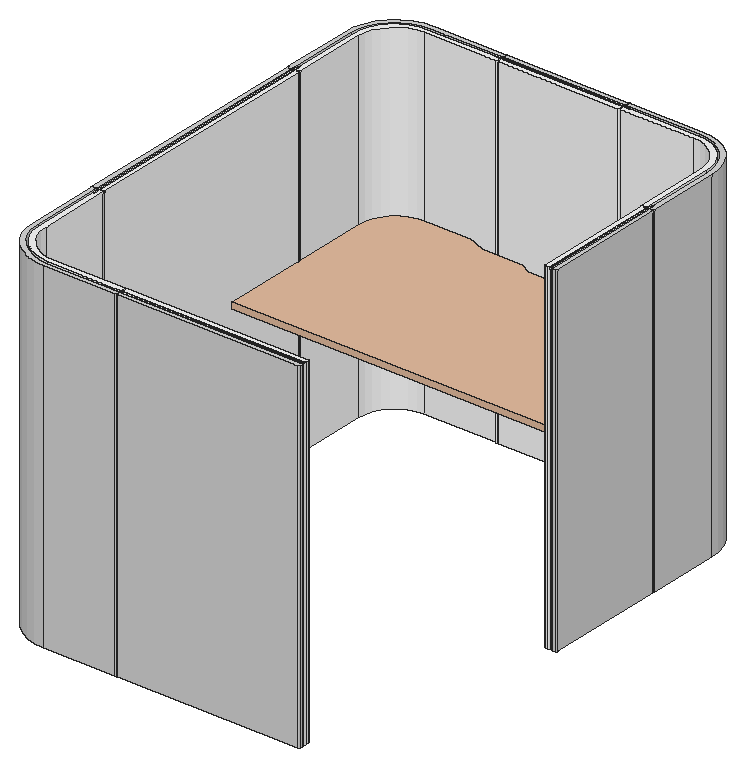
Revit family "NBS_Senator_MeetingPods_SoloAbodeRightHand", category Furniture, Revit 2018
Family settings
  Work Plane-Based = No
  Always vertical = Yes
  Cut with Voids When Loaded = No
  Shared = No
  Room Calculation Point = No
Parameters (values of type "PDSA14R")
  WarrantyStartDate [instance] = "1900-12-31T23:59:59"
  WarrantyGuarantorParts = "contactus@thesenatorgroup.com"
  WarrantyGuarantorLabor = "n/a"
  WarrantyDurationUnit = "year"
  WarrantyDurationParts = "10"
  WarrantyDurationLabor = "n/a"
  WarrantyDescription = "Senator warrants that its manufactured products are free from manufacturing defects - in materials or workmanship - for a period of ten (10) years on Senator Seating ranges; and fifteen (15) years on Senator Desking ranges - exceptions are listed below. Senator will repair or replace (at Senator’s sole discretion) with comparable free of charge materials / components, any product / component, which fails under normal use in a single shift environment, as a result of a defect in the materials and / or workmanship"
  Version = "1"  # constant formula
  Uniclass2015Version = "Products v1.12"
  Uniclass2015Title = "Pr_40_50_12_53"
  Uniclass2015Code = "Meeting pods"
  TagNumber [instance] = "n/a"
  SustainabilityPerformance = "99% recyclable"
  Style = "Pods"
  Status = "UNSET"
  Size = "2000 x 1500 x 1400 mm"
  Shape = "n/a"
  SerialNumber [instance] = "n/a"
  SeatWidth = "n/a"
  SeatDepth = "n/a"
  Revision = "n/a"
  ReplacementCost = "n/a"
  Reference = "n/a"
  ProductInformation = "n/a"
  PodWidth = 1500 mm  # constant formula
  PodHeight = 1400 mm
  PodDepth = 2000 mm  # constant formula
  InnerPanelMaterial = NBS_Senator_White
  OuterPanelMaterial = NBS_Senator_StAndrews
  NominalWidth = 1400 mm
  NominalLength = 1500 mm
  NominalHeight = 1400 mm
  NominalDepth = 2000 mm
  Name = "MeetingPods_SoloAbodeRightHand_PDSA14R_Senator"
  NBSReference = "45-35-20/342"
  NBSDescription = "Meeting pods"
  NBSCertification = "www.nationalbimlibrary.com/cert/ytskpf4l"
  ModelReference = "Pods-SoloAbodeRightHand_PDSA14R"
  ModelNumber = "PDSA14R"
  Material = "Fabric, metal, plastic"
  ManufacturerURL = "www.senator.co.uk"
  ManufacturerName = "The Senator Group"  # constant formula
  Manufacturer = "sales@senator.co.uk"
  MainColor = "n/a"
  IsBuiltIn = no
  InstallationDate [instance] = "1900-12-31T23:59:59"
  MiddlePanelMaterial = NBS_Senator_White
  IfcExportType = "USERDEFINED"  # constant formula
  IfcExportAs = "IfcFurnitureType"  # constant formula
  Grade = "n/a"
  FramesColour = "Black, white"
  FinishOptions = "Carini walnut, mocha, autumn, strata oak, maple, highland oak, beech, winter oak, hacienda white, white, light grey, denim, clay, lemon sorbet"
  Finish = "Outer vertical panels upholstered in camira, blazer fabric Two tone is standard"
  Features = "Internal frame with multi-layered acoustic foam, levelling adjusters, blazer fabric, outer vertical panels"
  FabricFinishOptions = "Plymouth, fairfield, latymer, lancaster, silcoates, silverdale, st andrews, trevelyan, ulster, wellington, wesley, manchester,"
  ExpectedLife = "10"
  DurationUnit = "year"
  DeskWidth = 1395 mm  # constant formula
  DeskThickness = 0 mm
  DeskMaterial = NBS_Senator_HighlandOak
  DeskDepth = 800 mm  # constant formula
  Description = "Compact single person workspace"
  Constituents = "n/a"
  Color = "n/a"
  CodePerformance = "n/a"
  Category = "Pr_40_50_12_53: Meeting pods"
  BarCode [instance] = "n/a"
  BIMObjectName = "NBS_Senator_MeetingPods_SoloAbodeRightHand_PDSA14R"
  Author = "NBS"  # constant formula
  AssetType = "Fixed"
  AssetIdentifier [instance] = "n/a"
  Accessories = "Monitor arms, PU desk accessories, desk top accessories, CPU holders, electrical accessories, coat hanger, name plate, A2 dry wipe board with hanger, A3 dry wipe board with hanger"
  AccessibilityPerformance = "n/a"
Types (3, lengths in mm): name | Size | PodHeight | NominalWidth | NominalHeight | Name | ModelReference | ModelNumber | BIMObjectName
  (no name) | "2000 x 1500 x 1400 mm" | 1400 | 1400 | 1400 | "MeetingPods_SoloAbodeRightHand_PDSA14R_Senator" | "Pods-SoloAbodeRightHand_PDSA14R" | "PDSA14R" | "NBS_Senator_MeetingPods_SoloAbodeRightHand_PDSA14R"
  PDSA14R | "2000 x 1500 x 1400 mm" | 1400 | 1400 | 1400 | "MeetingPods_SoloAbodeRightHand_PDSA14R_Senator" | "Pods-SoloAbodeRightHand_PDSA14R" | "PDSA14R" | "NBS_Senator_MeetingPods_SoloAbodeRightHand_PDSA14R"
  PDSA18R | "2000 x 1500 x 1800 mm" | 1800 | 1800 | 1800 | "MeetingPods_SoloAbodeRightHand_PDSA18R_Senator" | "Pods-SoloAbodeRightHand_PDSA18R" | "PDSA18R" | "NBS_Senator_MeetingPods_SoloAbodeRightHand_PDSA18R"
Reference planes
  plane 1 "Center (Front/Back)": y = 0
  plane 2 "Bottom": z = 0
  plane 3 "Center (Left/Right)": x = 0
  plane 4 "Right": x = 750
  plane 5 "Left": x = -750
  plane 6 "Back": y = 1000
  plane 7 "Front": y = -1000
  plane 8 "Top": z = 1400
  plane 9: y = -950
  plane 10: x = -700
  plane 11: x = 700
  plane 12: y = 950
  plane 13: y = -970
  plane 14: y = -980
  plane 15: x = 730
  plane 16: x = 720
  plane 17: y = 980
  plane 18: y = 970
  plane 19: x = -730
  plane 20: x = -720
  plane 21: x = -697.791
  plane 22: x = 697.208
  plane 23: y = 150.31
  plane 24: y = 526.117
  plane 25: x = 275.723
  plane 26: x = -275.723
  plane 27: y = 526.117
  plane 28: y = 501.044
  plane 29: y = 500.044
  plane 30: x = -249.65
  plane 31: x = -250.65
  plane 32: x = 250.65
  plane 33: x = 249.65
  plane 34: y = 501.044
  plane 35: y = 500.044
  plane 36: y = 920.31
  plane 37: y = 895.865
  plane 38: z = 710
  plane 39: z = 685
  plane 40: x = -275.723
  plane 41: x = -250.65
  plane 42: x = -249.65
  plane 43: x = 500
  plane 44: y = -525.3
  plane 45: y = -500.3
  plane 46: y = -499.3
  plane 47: y = 3.7
Forms (mm)
  Extrusion 1, solid, material "NBS_Senator_StAndrews" <- "OuterPanelMaterial", detail levels medium+fine
    sketch origin (0, 0, 0) x (1, 0, 0) y (0, 1, 0)
      loop
        arc (-244.65, 1000) -> (-248.185, 998.536) -> (-249.65, 995) r 5
        line (-249.65, 995) -> (-249.65, 985)
        arc (-249.65, 985) -> (-248.185, 981.464) -> (-244.65, 980) r 5
        line (-244.65, 980) -> (244.65, 980)
        arc (244.65, 980) -> (248.185, 981.464) -> (249.65, 985) r 5
        line (249.65, 985) -> (249.65, 995)
        arc (249.65, 995) -> (248.185, 998.536) -> (244.65, 1000) r 5
        line (244.65, 1000) -> (-244.65, 1000)
    from 0 to 1400
  Extrusion 2, solid, material "NBS_Senator_White" <- "InnerPanelMaterial", detail levels medium+fine
    sketch origin (0, 0, 0) x (1, 0, 0) y (0, 1, 0)
      loop
        arc (-244.65, 970) -> (-248.185, 968.536) -> (-249.65, 965) r 5
        line (-249.65, 965) -> (-249.65, 955)
        arc (-249.65, 955) -> (-248.185, 951.464) -> (-244.65, 950) r 5
        line (-244.65, 950) -> (244.65, 950)
        arc (244.65, 950) -> (248.185, 951.464) -> (249.65, 955) r 5
        line (249.65, 955) -> (249.65, 965)
        arc (249.65, 965) -> (248.185, 968.536) -> (244.65, 970) r 5
        line (244.65, 970) -> (-244.65, 970)
    from 0 to 1400
  Extrusion 3, solid, material "NBS_Senator_White" <- "InnerPanelMaterial", detail levels medium+fine
    sketch origin (0, 0, 0) x (1, 0, 0) y (0, 1, 0)
      loop
        line (-255.65, 970) -> (-555, 970)
        arc (-555, 970) -> (-671.673, 921.673) -> (-720, 805) r 165
        line (-720, 805) -> (-720, 506.044)
        arc (-720, 506.044) -> (-718.536, 502.509) -> (-715, 501.044) r 5
        line (-715, 501.044) -> (-705, 501.044)
        arc (-705, 501.044) -> (-701.464, 502.509) -> (-700, 506.044) r 5
        line (-700, 506.044) -> (-700, 800)
        arc (-700, 800) -> (-656.066, 906.066) -> (-550, 950) r 150
        line (-550, 950) -> (-255.65, 950)
        arc (-255.65, 950) -> (-252.114, 951.464) -> (-250.65, 955) r 5
        line (-250.65, 955) -> (-250.65, 965)
        arc (-250.65, 965) -> (-252.114, 968.536) -> (-255.65, 970) r 5
    from 0 to 1400
  Extrusion 4, solid, material "NBS_Senator_White" <- "InnerPanelMaterial", detail levels medium+fine
    sketch origin (0, 0, 0) x (1, 0, 0) y (0, 1, 0)
      loop
        line (705, 501.044) -> (715, 501.044)
        arc (715, 501.044) -> (718.536, 502.509) -> (720, 506.044) r 5
        line (720, 506.044) -> (720, 805)
        arc (720, 805) -> (671.673, 921.673) -> (555, 970) r 165
        line (555, 970) -> (255.65, 970)
        arc (255.65, 970) -> (252.114, 968.536) -> (250.65, 965) r 5
        line (250.65, 965) -> (250.65, 955)
        arc (250.65, 955) -> (252.114, 951.464) -> (255.65, 950) r 5
        line (255.65, 950) -> (550, 950)
        arc (550, 950) -> (656.066, 906.066) -> (700, 800) r 150
        line (700, 800) -> (700, 506.044)
        arc (700, 506.044) -> (701.464, 502.509) -> (705, 501.044) r 5
    from 0 to 1400
  Extrusion 5, solid, material "NBS_Senator_StAndrews" <- "OuterPanelMaterial", detail levels medium+fine
    sketch origin (0, 0, 0) x (1, 0, 0) y (0, 1, 0)
      loop
        line (-745, 501.044) -> (-735, 501.044)
        arc (-735, 501.044) -> (-731.464, 502.509) -> (-730, 506.044) r 5
        line (-730, 506.044) -> (-730, 800)
        arc (-730, 800) -> (-677.279, 927.279) -> (-550, 980) r 180
        line (-550, 980) -> (-255.65, 980)
        arc (-255.65, 980) -> (-252.114, 981.464) -> (-250.65, 985) r 5
        line (-250.65, 985) -> (-250.65, 995)
        arc (-250.65, 995) -> (-252.114, 998.536) -> (-255.65, 1000) r 5
        line (-255.65, 1000) -> (-548, 1000)
        arc (-548, 1000) -> (-690.836, 940.836) -> (-750, 798) r 202
        line (-750, 798) -> (-750, 506.044)
        arc (-750, 506.044) -> (-748.536, 502.509) -> (-745, 501.044) r 5
    from 0 to 1400
  Extrusion 6, solid, material "NBS_Senator_StAndrews" <- "OuterPanelMaterial", detail levels medium+fine
    sketch origin (0, 0, 0) x (1, 0, 0) y (0, 1, 0)
      loop
        arc (255.65, 1000) -> (252.114, 998.536) -> (250.65, 995) r 5
        line (250.65, 995) -> (250.65, 985)
        arc (250.65, 985) -> (252.114, 981.464) -> (255.65, 980) r 5
        line (255.65, 980) -> (550, 980)
        arc (550, 980) -> (677.279, 927.279) -> (730, 800) r 180
        line (730, 800) -> (730, 506.044)
        arc (730, 506.044) -> (731.464, 502.509) -> (735, 501.044) r 5
        line (735, 501.044) -> (745, 501.044)
        arc (745, 501.044) -> (748.536, 502.509) -> (750, 506.044) r 5
        line (750, 506.044) -> (750, 798)
        arc (750, 798) -> (690.836, 940.836) -> (548, 1000) r 202
        line (548, 1000) -> (255.65, 1000)
    from 0 to 1400
  Extrusion 7, solid, material "NBS_Senator_White" <- "MiddlePanelMaterial", detail levels medium+fine
    sketch origin (0, 0, 0) x (1, 0, 0) y (0, 1, 0)
      loop
        line (500, -980) -> (500, -970) -> (-275.723, -970) -> (-275.723, -980) -> (500, -980)
      loop
        line (-730, -525.3) -> (-720, -525.3) -> (-720, 526.117) -> (-730, 526.117) -> (-730, -525.3)
      loop
        line (275.723, 970) -> (275.723, 980) -> (-275.723, 980) -> (-275.723, 970) -> (275.723, 970)
      loop
        line (720, 526.117) -> (720, 3.7) -> (730, 3.7) -> (730, 526.117) -> (720, 526.117)
    from 0 to 1400
  Extrusion 8, solid, material "NBS_Senator_White" <- "InnerPanelMaterial", detail levels medium+fine
    sketch origin (0, 0, 0) x (1, 0, 0) y (0, 1, 0)
      loop
        line (495, -950) -> (-244.65, -950)
        arc (-244.65, -950) -> (-248.185, -951.464) -> (-249.65, -955) r 5
        line (-249.65, -955) -> (-249.65, -965)
        arc (-249.65, -965) -> (-248.185, -968.536) -> (-244.65, -970) r 5
        line (-244.65, -970) -> (495, -970)
        arc (495, -970) -> (498.536, -968.536) -> (500, -965) r 5
        line (500, -965) -> (500, -955)
        arc (500, -955) -> (498.536, -951.464) -> (495, -950) r 5
    from 0 to 1400
  Extrusion 9, solid, material "NBS_Senator_StAndrews" <- "OuterPanelMaterial", detail levels medium+fine
    sketch origin (0, -30, 0) x (1, 0, 0) y (0, 1, 0)
      loop
        line (495, -950) -> (-244.65, -950)
        arc (-244.65, -950) -> (-248.185, -951.464) -> (-249.65, -955) r 5
        line (-249.65, -955) -> (-249.65, -965)
        arc (-249.65, -965) -> (-248.185, -968.536) -> (-244.65, -970) r 5
        line (-244.65, -970) -> (495, -970)
        arc (495, -970) -> (498.536, -968.536) -> (500, -965) r 5
        line (500, -965) -> (500, -955)
        arc (500, -955) -> (498.536, -951.464) -> (495, -950) r 5
    from 0 to 1400
  Extrusion 10, solid, material "NBS_Senator_StAndrews" <- "OuterPanelMaterial", detail levels medium+fine
    sketch origin (0, 0, 0) x (1, 0, 0) y (0, 1, 0)
      loop
        line (-745, -499.3) -> (-735, -499.3)
        arc (-735, -499.3) -> (-731.464, -497.836) -> (-730, -494.3) r 5
        line (-730, -494.3) -> (-730, 495.044)
        arc (-730, 495.044) -> (-731.464, 498.58) -> (-735, 500.044) r 5
        line (-735, 500.044) -> (-745, 500.044)
        arc (-745, 500.044) -> (-748.536, 498.58) -> (-750, 495.044) r 5
        line (-750, 495.044) -> (-750, -494.3)
        arc (-750, -494.3) -> (-748.536, -497.836) -> (-745, -499.3) r 5
    from 0 to 1400
  Extrusion 11, solid, material "NBS_Senator_White" <- "InnerPanelMaterial", detail levels medium+fine
    sketch origin (30, 0, 0) x (1, 0, 0) y (0, 1, 0)
      loop
        line (-745, -499.3) -> (-735, -499.3)
        arc (-735, -499.3) -> (-731.464, -497.836) -> (-730, -494.3) r 5
        line (-730, -494.3) -> (-730, 495.044)
        arc (-730, 495.044) -> (-731.464, 498.58) -> (-735, 500.044) r 5
        line (-735, 500.044) -> (-745, 500.044)
        arc (-745, 500.044) -> (-748.536, 498.58) -> (-750, 495.044) r 5
        line (-750, 495.044) -> (-750, -494.3)
        arc (-750, -494.3) -> (-748.536, -497.836) -> (-745, -499.3) r 5
    from 0 to 1400
  Extrusion 12, solid, material "NBS_Senator_StAndrews" <- "OuterPanelMaterial", detail levels medium+fine
    sketch origin (0, 0, 0) x (1, 0, 0) y (0, 1, 0)
      loop
        arc (745, 3.7) -> (748.536, 5.164) -> (750, 8.7) r 5
        line (750, 8.7) -> (750, 495.044)
        arc (750, 495.044) -> (748.536, 498.58) -> (745, 500.044) r 5
        line (745, 500.044) -> (735, 500.044)
        arc (735, 500.044) -> (731.464, 498.58) -> (730, 495.044) r 5
        line (730, 495.044) -> (730, 8.7)
        arc (730, 8.7) -> (731.464, 5.164) -> (735, 3.7) r 5
        line (735, 3.7) -> (745, 3.7)
    from 0 to 1400
  Extrusion 13, solid, material "NBS_Senator_StAndrews" <- "OuterPanelMaterial", detail levels medium+fine
    sketch origin (0, 0, 0) x (1, 0, 0) y (0, 1, 0)
      loop
        arc (-745, -500.3) -> (-748.536, -501.764) -> (-750, -505.3) r 5
        line (-750, -505.3) -> (-750, -798)
        arc (-750, -798) -> (-690.836, -940.836) -> (-548, -1000) r 202
        line (-548, -1000) -> (-255.65, -1000)
        arc (-255.65, -1000) -> (-252.114, -998.536) -> (-250.65, -995) r 5
        line (-250.65, -995) -> (-250.65, -985)
        arc (-250.65, -985) -> (-252.114, -981.464) -> (-255.65, -980) r 5
        line (-255.65, -980) -> (-550, -980)
        arc (-550, -980) -> (-677.279, -927.279) -> (-730, -800) r 180
        line (-730, -800) -> (-730, -505.3)
        arc (-730, -505.3) -> (-731.464, -501.764) -> (-735, -500.3) r 5
        line (-735, -500.3) -> (-745, -500.3)
    from 0 to 1400
  Extrusion 14, solid, material "NBS_Senator_White" <- "InnerPanelMaterial", detail levels medium+fine
    sketch origin (0, 0, 0) x (1, 0, 0) y (0, 1, 0)
      loop
        arc (705, 500.044) -> (701.464, 498.58) -> (700, 495.044) r 5
        line (700, 495.044) -> (700, 8.7)
        arc (700, 8.7) -> (701.464, 5.164) -> (705, 3.7) r 5
        line (705, 3.7) -> (715, 3.7)
        arc (715, 3.7) -> (718.536, 5.164) -> (720, 8.7) r 5
        line (720, 8.7) -> (720, 495.044)
        arc (720, 495.044) -> (718.536, 498.58) -> (715, 500.044) r 5
        line (715, 500.044) -> (705, 500.044)
    from 0 to 1400
  Extrusion 15, solid, material "NBS_Senator_White" <- "InnerPanelMaterial", detail levels medium+fine
    sketch origin (0, 0, 0) x (1, 0, 0) y (0, 1, 0)
      loop
        arc (-715, -500.3) -> (-718.536, -501.764) -> (-720, -505.3) r 5
        line (-720, -505.3) -> (-720, -805)
        arc (-720, -805) -> (-671.673, -921.673) -> (-555, -970) r 165
        line (-555, -970) -> (-255.65, -970)
        arc (-255.65, -970) -> (-252.114, -968.536) -> (-250.65, -965) r 5
        line (-250.65, -965) -> (-250.65, -955)
        arc (-250.65, -955) -> (-252.114, -951.464) -> (-255.65, -950) r 5
        line (-255.65, -950) -> (-550, -950)
        arc (-550, -950) -> (-656.066, -906.066) -> (-700, -800) r 150
        line (-700, -800) -> (-700, -505.3)
        arc (-700, -505.3) -> (-701.464, -501.764) -> (-705, -500.3) r 5
        line (-705, -500.3) -> (-715, -500.3)
    from 0 to 1400
  Extrusion 16, solid, material "NBS_Senator_StAndrews" <- "OuterPanelMaterial", detail levels coarse
    sketch origin (0, 0, 0) x (1, 0, 0) y (0, 1, 0)
      loop
        line (500, -950) -> (-550, -950)
        arc (-550, -950) -> (-656.066, -906.066) -> (-700, -800) r 150
        line (-700, -800) -> (-700, 800)
        arc (-700, 800) -> (-656.066, 906.066) -> (-550, 950) r 150
        line (-550, 950) -> (550, 950)
        arc (550, 950) -> (656.066, 906.066) -> (700, 800) r 150
        line (700, 800) -> (700, 3.7) -> (750, 3.7) -> (750, 798)
        arc (750, 798) -> (690.836, 940.836) -> (548, 1000) r 202
        line (548, 1000) -> (-548, 1000)
        arc (-548, 1000) -> (-690.836, 940.836) -> (-750, 798) r 202
        line (-750, 798) -> (-750, -798)
        arc (-750, -798) -> (-690.836, -940.836) -> (-548, -1000) r 202
        line (-548, -1000) -> (500, -1000) -> (500, -950)
    from 0 to 1400
Dimensions and locks
  "PodWidth": plane 5 "Left" to plane 4 "Right"
  "PodDepth": plane 7 "Front" to plane 6 "Back"
  equal spacing: plane 5 "Left", plane 3 "Center (Left/Right)", plane 4 "Right"
  "PodHeight": plane 8 "Top" to plane 2 "Bottom"
  plane 5 "Left" to plane 19 to plane 20 to plane 10 to plane 21 = 20 mm locked, 10 mm locked, 20 mm locked, 2.209 mm locked
  plane 22 to plane 11 to plane 16 to plane 15 to plane 4 "Right" = 2.792 mm locked, 20 mm locked, 10 mm locked, 20 mm locked
  plane 12 to plane 18 to plane 17 to plane 6 "Back" = 20 mm locked, 10 mm locked, 20 mm locked
  plane 7 "Front" to plane 14 to plane 13 to plane 9 = 20 mm locked, 10 mm locked, 20 mm locked
  locked: plane 38 to plane 39 at 25
  locked: plane 38 to plane 2 "Bottom" at 710
  locked: plane 31 to plane 30 at 1
  locked: plane 26 to plane 31 at 25.073
  locked: plane 5 "Left" to plane 30 at 500.35
  locked: plane 33 to plane 32 at 1
  locked: plane 32 to plane 25 at 25.073
  locked: plane 33 to plane 4 "Right" at 500.35
  radius of Extrusion 1 sketch curve = 5 mm  (x4)
  radius of Extrusion 2 sketch curve = 5 mm  (x4)
  radius of Extrusion 3 sketch curve = 150 mm
  radius of Extrusion 3 sketch curve = 165 mm
  radius of Extrusion 3 sketch curve = 5 mm  (x2)
  radius of Extrusion 4 sketch curve = 165 mm
  radius of Extrusion 4 sketch curve = 150 mm
  radius of Extrusion 4 sketch curve = 5 mm  (x2)
  radius of Extrusion 5 sketch curve = 180 mm
  radius of Extrusion 5 sketch curve = 202 mm
  radius of Extrusion 5 sketch curve = 5 mm  (x4)
  radius of Extrusion 6 sketch curve = 180 mm
  radius of Extrusion 6 sketch curve = 202 mm
  radius of Extrusion 6 sketch curve = 5 mm  (x4)
  radius of Extrusion 8 sketch curve = 5 mm  (x4)
  radius of Extrusion 9 sketch curve = 5 mm  (x4)
  radius of Extrusion 10 sketch curve = 5 mm  (x4)
  radius of Extrusion 11 sketch curve = 5 mm  (x4)
  radius of Extrusion 12 sketch curve = 5 mm  (x4)
  radius of Extrusion 13 sketch curve = 180 mm
  radius of Extrusion 13 sketch curve = 202 mm
  radius of Extrusion 13 sketch curve = 5 mm  (x4)
  radius of Extrusion 14 sketch curve = 5 mm  (x4)
  radius of Extrusion 15 sketch curve = 150 mm
  radius of Extrusion 15 sketch curve = 165 mm
  radius of Extrusion 15 sketch curve = 5 mm  (x4)
  radius of Extrusion 16 sketch curve = 150 mm  (x3)
  radius of Extrusion 16 sketch curve = 202 mm  (x3)
  aligned and locked: level to plane 2 "Bottom"
  aligned and locked: plane 33 to Extrusion 1 sketch curve
  aligned and locked: plane 6 "Back" to Extrusion 1 sketch curve
  aligned and locked: Extrusion 1 sketch curve to plane 17
  aligned and locked: Extrusion 1 sketch curve to plane 30
  aligned and locked: Extrusion 3 sketch curve to plane 10
  aligned and locked: plane 28 to Extrusion 3 sketch curve
  aligned and locked: plane 20 to Extrusion 3 sketch curve
  aligned and locked: plane 12 to Extrusion 3 sketch curve
  aligned and locked: Extrusion 3 sketch curve to plane 18
  aligned and locked: Extrusion 3 sketch curve to plane 31
  aligned and locked: plane 8 "Top" to Extrusion 3
  aligned and locked: Extrusion 3 to plane 2 "Bottom"
  aligned and locked: Extrusion 1 to plane 2 "Bottom"
  aligned and locked: plane 8 "Top" to Extrusion 1
  aligned and locked: Extrusion 2 sketch curve to plane 12
  aligned and locked: Extrusion 2 to plane 18
  aligned and locked: plane 18 to Extrusion 2 sketch curve
  aligned and locked: Extrusion 4 sketch curve to plane 32
  aligned and locked: Extrusion 4 sketch curve to plane 12
  aligned and locked: plane 18 to Extrusion 4 sketch curve
  aligned and locked: Extrusion 4 sketch curve to plane 34
  aligned and locked: Extrusion 4 sketch curve to plane 11
  aligned and locked: plane 16 to Extrusion 4 sketch curve
  aligned and locked: Extrusion 4 to plane 2 "Bottom"
  aligned and locked: plane 8 "Top" to Extrusion 4
  aligned and locked: Extrusion 5 sketch curve to plane 28
  aligned and locked: plane 19 to Extrusion 5 sketch curve
  aligned and locked: Extrusion 5 sketch curve to plane 5 "Left"
  aligned and locked: plane 6 "Back" to Extrusion 5 sketch curve
  aligned and locked: Extrusion 5 sketch curve to plane 17
  aligned and locked: plane 31 to Extrusion 5 sketch curve
  aligned and locked: Extrusion 5 to plane 2 "Bottom"
  aligned and locked: plane 8 "Top" to Extrusion 5
  aligned and locked: plane 15 to Extrusion 6 sketch curve
  aligned and locked: plane 34 to Extrusion 6 sketch curve
  aligned and locked: Extrusion 6 sketch curve to plane 4 "Right"
  aligned and locked: Extrusion 6 sketch curve to plane 17
  aligned and locked: Extrusion 6 sketch curve to plane 32
  aligned and locked: plane 6 "Back" to Extrusion 6 sketch curve
  aligned and locked: plane 8 "Top" to Extrusion 2
  aligned and locked: Extrusion 2 to plane 2 "Bottom"
  aligned and locked: plane 8 "Top" to Extrusion 6
  aligned and locked: Extrusion 6 to plane 2 "Bottom"
  aligned and locked: nested 1 to plane 38
  aligned and locked: nested 1 to plane 39
  aligned and locked: plane 3 "Center (Left/Right)" to nested 1
  aligned and locked: plane 12 to nested 1
  aligned and locked: plane 40 to Extrusion 7 sketch curve
  aligned and locked: plane 13 to Extrusion 7 sketch curve
  aligned and locked: Extrusion 7 sketch curve to plane 14
  aligned and locked: Extrusion 7 sketch curve to plane 43
  aligned and locked: plane 27 to Extrusion 7 sketch curve
  aligned and locked: plane 20 to Extrusion 7 sketch curve
  aligned and locked: Extrusion 7 sketch curve to plane 19
  aligned and locked: plane 44 to Extrusion 7 sketch curve
  aligned and locked: Extrusion 7 sketch curve to plane 26
  aligned and locked: plane 17 to Extrusion 7 sketch curve
  aligned and locked: Extrusion 7 sketch curve to plane 18
  aligned and locked: plane 25 to Extrusion 7 sketch curve
  aligned and locked: Extrusion 7 sketch curve to plane 47
  aligned and locked: Extrusion 7 sketch curve to plane 15
  aligned and locked: plane 16 to Extrusion 7 sketch curve
  aligned and locked: Extrusion 7 sketch curve to plane 24
  aligned and locked: Extrusion 7 to plane 2 "Bottom"
  aligned and locked: plane 8 "Top" to Extrusion 7
  aligned and locked: Extrusion 8 sketch curve to plane 9
  aligned and locked: Extrusion 8 sketch curve to plane 42
  aligned and locked: plane 13 to Extrusion 8 sketch curve
  aligned and locked: plane 43 to Extrusion 8 sketch curve
  aligned and locked: Extrusion 8 to plane 2 "Bottom"
  aligned and locked: plane 8 "Top" to Extrusion 8
  aligned and locked: Extrusion 9 sketch curve to plane 42
  aligned and locked: plane 7 "Front" to Extrusion 9 sketch curve
  aligned and locked: Extrusion 9 sketch curve to plane 14
  aligned and locked: plane 43 to Extrusion 9 sketch curve
  aligned and locked: Extrusion 9 to plane 2 "Bottom"
  aligned and locked: plane 8 "Top" to Extrusion 9
  aligned and locked: plane 46 to Extrusion 10 sketch curve
  aligned and locked: Extrusion 10 sketch curve to plane 5 "Left"
  aligned and locked: plane 19 to Extrusion 10 sketch curve
  aligned and locked: plane 29 to Extrusion 10 sketch curve
  aligned and locked: Extrusion 10 to plane 2 "Bottom"
  aligned and locked: plane 8 "Top" to Extrusion 10
  aligned and locked: plane 46 to Extrusion 11 sketch curve
  aligned and locked: Extrusion 11 sketch curve to plane 20
  aligned and locked: plane 10 to Extrusion 11 sketch curve
  aligned and locked: plane 29 to Extrusion 11 sketch curve
  aligned and locked: plane 8 "Top" to Extrusion 11
  aligned and locked: Extrusion 11 to plane 2 "Bottom"
  aligned and locked: plane 15 to Extrusion 12 sketch curve
  aligned and locked: Extrusion 12 sketch curve to plane 47
  aligned and locked: Extrusion 12 sketch curve to plane 4 "Right"
  aligned and locked: Extrusion 12 sketch curve to plane 35
  aligned and locked: plane 8 "Top" to Extrusion 12
  aligned and locked: Extrusion 12 to plane 2 "Bottom"
  aligned and locked: Extrusion 13 sketch curve to plane 7 "Front"
  aligned and locked: plane 14 to Extrusion 13 sketch curve
  aligned and locked: Extrusion 13 sketch curve to plane 41
  aligned and locked: Extrusion 13 sketch curve to plane 19
  aligned and locked: plane 5 "Left" to Extrusion 13 sketch curve
  aligned and locked: plane 45 to Extrusion 13 sketch curve
  aligned and locked: plane 8 "Top" to Extrusion 13
  aligned and locked: Extrusion 13 to plane 2 "Bottom"
  aligned and locked: plane 11 to Extrusion 14 sketch curve
  aligned and locked: Extrusion 14 sketch curve to plane 16
  aligned and locked: Extrusion 14 sketch curve to plane 35
  aligned and locked: Extrusion 14 sketch curve to plane 47
  aligned and locked: plane 8 "Top" to Extrusion 14
  aligned and locked: Extrusion 14 to plane 2 "Bottom"
  aligned and locked: plane 41 to Extrusion 15 sketch curve
  aligned and locked: plane 13 to Extrusion 15 sketch curve
  aligned and locked: Extrusion 15 sketch curve to plane 9
  aligned and locked: plane 20 to Extrusion 15 sketch curve
  aligned and locked: Extrusion 15 sketch curve to plane 10
  aligned and locked: plane 45 to Extrusion 15 sketch curve
  aligned and locked: plane 8 "Top" to Extrusion 15
  aligned and locked: Extrusion 15 to plane 2 "Bottom"
  aligned and locked: Extrusion 2 sketch curve to plane 30
  aligned and locked: plane 33 to Extrusion 2 sketch curve
  aligned and locked: plane 43 to Extrusion 16 sketch curve
  aligned and locked: Extrusion 16 sketch curve to plane 9
  aligned and locked: plane 7 "Front" to Extrusion 16 sketch curve
  aligned and locked: plane 10 to Extrusion 16 sketch curve
  aligned and locked: Extrusion 16 sketch curve to plane 5 "Left"
  aligned and locked: Extrusion 16 sketch curve to plane 6 "Back"
  aligned and locked: nested 1 to Extrusion 16 sketch curve
  aligned and locked: Extrusion 16 sketch curve to plane 11
  aligned and locked: plane 4 "Right" to Extrusion 16 sketch curve
  aligned and locked: plane 47 to Extrusion 16 sketch curve
  aligned and locked: Extrusion 16 to plane 2 "Bottom"
  aligned and locked: plane 8 "Top" to Extrusion 16
Automatic sketch dimensions
  plane 6 "Back" to Extrusion 1 sketch curve = 5 mm
  Extrusion 3 sketch curve to Extrusion 3 sketch curve = 5 mm
  Extrusion 3 sketch curve to plane 10 = 5 mm
  plane 11 to Extrusion 4 sketch curve = 5 mm
  Extrusion 4 sketch curve to Extrusion 4 sketch curve = 5 mm
Nested families
  nested 1: "NBS_Senator_Desk_PDSAT" at (0, 950, 685), type "NBS_Senator_Desk_PDSAT"
    with DeskWidth 1395 mm, DeskDepth 800 mm
Definition of nested family "NBS_Senator_Desk_PDSAT"
  Parameters (values of type "NBS_Senator_Desk_PDSAT")
    DeskWidth = 1640 mm
    DeskThickness = 25 mm
    DeskMaterial = none
    DeskDepth = 960 mm
  Reference planes
    plane 1 "Back": y = 0
    plane 2 "Bottom": z = 0
    plane 3 "Center (Left/Right)": x = 0
    plane 4 "Left": x = -820
    plane 5 "Right": x = 820
    plane 6 "Front": y = -960
    plane 7 "Top": z = 25
  Forms (mm)
    Extrusion 1, solid, material <- "DeskMaterial"
      sketch origin (0, 0, 0) x (1, 0, 0) y (0, 1, 0)
        loop
          arc (-670, 0) -> (-776.066, -43.934) -> (-820, -150) r 150
          line (-820, -150) -> (-820, -960) -> (820, -960) -> (820, -150)
          arc (820, -150) -> (776.066, -43.934) -> (670, 0) r 150
          line (670, 0) -> (369.041, 0) -> (289.799, -29.69) -> (126.526, -29.69) -> (84.186, -54.135) -> (-84.186, -54.135) -> (-126.526, -29.69) -> (-289.799, -29.69) -> (-369.041, 0) -> (-670, 0)
      from 0 to 25
  Dimensions and locks
    equal spacing: plane 4 "Left", plane 3 "Center (Left/Right)", plane 5 "Right"
    "DeskWidth": plane 4 "Left" to plane 5 "Right"
    "DeskDepth": plane 6 "Front" to plane 1 "Back"
    Extrusion 1 sketch curve to Extrusion 1 sketch curve to Extrusion 1 sketch curve to plane 3 "Center (Left/Right)" to Extrusion 1 sketch curve to Extrusion 1 sketch curve to Extrusion 1 sketch curve = 79.242 mm locked, 163.273 mm locked, 126.526 mm locked, 126.526 mm locked, 163.273 mm locked, 79.242 mm locked
    "DeskThickness": plane 7 "Top" to level
    aligned and locked: level to plane 2 "Bottom"
    aligned and locked: plane 1 "Back" to Extrusion 1 sketch curve
    aligned and locked: plane 4 "Left" to Extrusion 1 sketch curve
    aligned and locked: plane 6 "Front" to Extrusion 1 sketch curve
    aligned and locked: Extrusion 1 sketch curve to plane 5 "Right"
    aligned and locked: Extrusion 1 to plane 2 "Bottom"
    aligned and locked: plane 7 "Top" to Extrusion 1
  Automatic sketch dimensions
    plane 4 "Left" to Extrusion 1 sketch curve = 150 mm
    plane 1 "Back" to Extrusion 1 sketch curve = 150 mm
    plane 1 "Back" to Extrusion 1 sketch curve = 29.69 mm  (x2)
    Extrusion 1 sketch curve to Extrusion 1 sketch curve = 42.34 mm  (x2)
    plane 1 "Back" to Extrusion 1 sketch curve = 0 mm
    Extrusion 1 sketch curve to Extrusion 1 sketch curve = 24.445 mm
